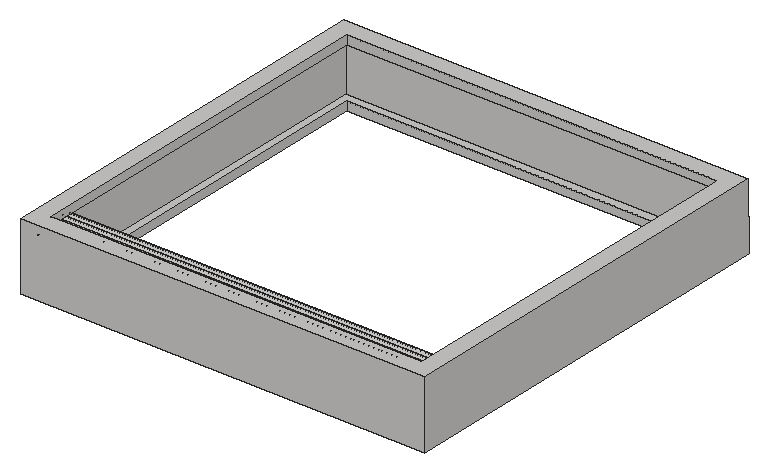
Revit family "Louver_Carnes-Galvanized-Drainable-Stationary-FWBB", category Duct Accessories, host Face, Revit 2012
Parameters (values of type "FWBB")
  ecoScorecard_data = ""
  ecoScorecard Product Page = "http://ecoscorecard.com/"
  Width = 24"
  Warranty URL = "http://www.carnes.com/GeneralCatalogs/termcond.pdf"
  URL = "http://www.carnes.com/index.html"
  Subcategory = "Louvers and Dampers"  # constant formula
  Spec Sheet URL = "http://www.carnes.com/Louvers/pdf/17149.pdf"
  Product Page URL = "http://www.carnes.com/Louvers/FVBB-FWBB.htm"
  Product Line = "Galvanized Steel Stationary Drainable Blade Louver"  # constant formula
  Offset = 1"
  Model = "FWBB"  # constant formula
  Minimum Size = "8\"W x 12\"H"
  Maximum Vertical Size = "72\"W x 96\"H"
  Maximum System Velocity = 1056 FPM  # constant formula
  Maximum System Pressure = 0.70 in-wg  # constant formula
  Maximum Size Note = "Larger Sizes made in multiple sections"  # constant formula
  Maximum Horinzontal Size = "72\"W x 96\"H"
  Manufacturer Phone = "608-845-6411"  # constant formula
  Manufacturer Fax = "608-845-6470"  # constant formula
  Manufacturer Email = "mailto:carnes@carnes.com"
  Manufacturer Address = "448 S. Main St., P. O. Box 930040, Verona, WI 53593-0040"  # constant formula
  Manufacturer = "CARNES COMPANY"  # constant formula
  Installation and Maintenance URL = ""
  Height = 24"
  Frame Material = Metal - Carnes - Steel - Galvanized
  Fire Closure Device = ""
  Duct Connector 2 = "Duct Connection 2"  # constant formula
  Duct Connector 1 = "Duct Connection 1"  # constant formula
  Description = "Galvanized Steel Stationary Drainable Blade Louver"  # constant formula
  Depth = 4"
  Default Elevation = 0"
  Cost Info = "mailto:carnes@carnes.com"
  Catalog URL = "http://www.carnes.com/Louvers/pdf/f40-41.pdf"
  Blades Length = Actual Width - 1"  # 23"
  Blade Material = Metal - Carnes - Steel - Galvanized
  Assembly Code = "B2010300"
  Actual Width = if(Width < 6", 6", if(Width > 72", 72", Width))  # 24"
  Actual Height = if(Height < 6", 6", if(Height > 72", 72", Height))  # 24"
  95 CSI = "10200"  # constant formula
  04 CSI = "08 91 00"  # constant formula
Reference planes (in)
  plane 1 "Center (Front/Back)": y = 0
  plane 2: z = 0
  plane 3 "Center (Left/Right)": x = 0
  plane 4: x = -12
  plane 5: x = 12
  plane 6: y = 12
  plane 7: y = -12
  plane 8: y = -10.9375
  plane 9: x = -11.20993
  plane 10: x = 11.20993
  plane 11: z = -1.5
  plane 12: y = -11.47734
  plane 13: x = 10.20993
  plane 14: z = -3.375
  plane 15: z = -1
  plane 16: y = -9.48917
  plane 17: z = 0.09375
  plane 18: z = 3.5
  plane 19: z = -2.09375
  plane 20: z = -5.5
Forms (in)
  Extrusion 1, void
    sketch origin (0, 0, 0) x (1, 0, 0) y (0, 1, 0)
      loop
        line (12, -12) -> (12, 12) -> (-12, 12) -> (-12, -12) -> (12, -12)
    from 0 to -32.56442
  Sweep 2, solid, material "Metal - Carnes - Steel - Galvanized" <- "Frame Material", detail levels medium+fine
    path origin (0, -21.84066, -1) x (-1, 0, 0) y (0, -1, 0)
      loop
        line (12, -33.84066) -> (12, -9.84066) -> (-12, -9.84066) -> (-12, -33.84066) -> (12, -33.84066)
    profile "Profile : Profile" origin (0, 12, -1) x (0, 1, 0) y (0, 0, 1)
      loop
        line (0, 2) -> (-1, 2) -> (-1, 1.5) -> (-0.5, 1.5) -> (-0.5, -1.5) -> (-1, -1.5) -> (-1, -2) -> (0, -2) -> (0, 2)
  Sweep 3, solid, material "Metal - Carnes - Steel - Galvanized" <- "Frame Material", detail levels coarse
    path origin (0, -21.84066, -1) x (-1, 0, 0) y (0, -1, 0)
      loop
        line (0, -9.84066) -> (0, -33.84066)
    profile origin (0, 0, -1) x (-1, 0, 0) y (0, 0, 1)
      loop
        line (-12, 2) -> (-12, -2) -> (12, -2) -> (12, 2) -> (-12, 2)
Lines and regions (in)
  symbolic lines, style "Damper"
    curve 1: line (12, 12, -1) -> (12, -12, -1)
    curve 2: line (-12, 12, -1) -> (12, 12, -1)
    curve 3: line (-12, -12, -1) -> (-12, 12, -1)
    curve 4: line (12, -12, -1) -> (-12, -12, -1)
  symbolic lines, style "Damper", detail levels medium+fine
    curve 5: line (11, 11, -1) -> (-11, 11, -1)
    curve 6: line (-11, 11, -1) -> (-11, -11, -1)
    curve 7: line (-11, -11, -1) -> (11, -11, -1)
    curve 8: line (11, -11, -1) -> (11, 11, -1)
Dimensions and locks (in)
  equal spacing: plane 7, plane 1 "Center (Front/Back)", plane 6
  equal spacing: plane 4, plane 3 "Center (Left/Right)", plane 5
  "Actual Width": plane 4 to plane 5
  "Actual Height": plane 6 to plane 7
  locked: plane 7 to plane 8 at 1.0625
  locked: plane 4 to plane 9 at 0.79007
  locked: plane 10 to plane 5 at 0.79007
  locked: plane 12 to plane 7 at 0.52266
  locked: plane 13 to plane 10 at 1
  locked: plane 14 to plane 15 at 2.375
  locked: plane 16 to plane 8 at 1.44833
  "Offset": level to plane 15
  locked: plane 17 to plane 18 at 3.40625
  locked: plane 15 to plane 17 at 1.09375
  locked: plane 15 to plane 19 at 1.09375
  locked: plane 19 to plane 20 at 3.40625
  equal spacing: Sweep 3 sketch curve, plane 3 "Center (Left/Right)", Sweep 3 sketch curve
  "Actual Width": Sweep 3 sketch curve to Sweep 3 sketch curve
  aligned and locked: plane 2 to host face
  aligned and locked: level to host face
  aligned and locked: plane 5 to Extrusion 1 sketch curve
  aligned and locked: plane 7 to Extrusion 1 sketch curve
  aligned and locked: Extrusion 1 sketch curve to plane 4
  aligned and locked: Extrusion 1 sketch curve to plane 6
  aligned and locked: Extrusion 1 to level
  aligned: nested 2 to plane 12
  aligned: nested 2 to nested 5
  aligned: nested 5 to nested 4
  aligned: nested 4 to nested 6
  aligned: nested 3 to nested 5
  aligned: nested 1 to nested 5
  aligned: nested 3 to nested 2
  aligned: nested 5 to nested 3  (x2)
  aligned: nested 4 to nested 5
  aligned: nested 6 to nested 4
  aligned: nested 6 to plane 15
  aligned: nested 3 to plane 15
  aligned: nested 5 to plane 15
  aligned: nested 4 to plane 15
  aligned: nested 2 to plane 15
  aligned: nested 1 to plane 15
  aligned: plane 16 to nested 6
  aligned: plane 12 to nested 1
  aligned and locked: plane 6 to Sweep 3 sketch curve
  aligned and locked: plane 7 to Sweep 3 sketch curve
  aligned and locked: plane 3 "Center (Left/Right)" to Sweep 3 sketch curve
  aligned and locked: curve 1 to Sweep 2
  aligned and locked: curve 2 to Sweep 2
  aligned and locked: curve 3 to Sweep 2
  aligned and locked: curve 4 to Sweep 2
  aligned and locked: curve 5 to Sweep 2
  aligned and locked: curve 6 to Sweep 2
  aligned and locked: curve 7 to Sweep 2
  aligned and locked: curve 8 to Sweep 2
  aligned and locked: Sweep 3 sketch curve to Sweep 2  (x2)
  aligned and locked: nested 1 to Sweep 2
  aligned: nested 2 to nested 1
  aligned and locked: nested 1 to plane 15
  aligned and locked: nested 2 to plane 15
  aligned and locked: nested 3 to plane 15
  aligned and locked: nested 5 to plane 15
  aligned and locked: nested 4 to plane 15
  aligned and locked: nested 6 to plane 15
  aligned and locked: nested 2 to nested 1
  aligned and locked: nested 3 to nested 2
  aligned and locked: nested 5 to nested 3
  aligned and locked: nested 4 to nested 5
  aligned and locked: nested 6 to nested 4
Automatic sketch dimensions
  host sketch curve to host sketch curve = 96"  (x2)
  Sweep 2 sketch curve to plane 5 = 0"
  Sweep 2 sketch curve to plane 4 = 0"
  Sweep 2 sketch curve to plane 6 = 0"
  plane 7 to Sweep 2 sketch curve = 0"
  curve 8 to plane 10 = 0.20993"
Nested families (in)
  nested 1: "Blade" at (0.00882, -11.5, -2.53052), type "Blades", detail levels fine
  nested 2: "Blade" at (0.00882, -11.10234, -2.53052), type "Blades", detail levels fine
  nested 3: "Blade" at (0.00882, -10.70467, -2.53052), type "Blades", detail levels fine
  nested 4: "Blade" at (0.00882, -9.90935, -2.53052), type "Blades", detail levels fine
  nested 5: "Blade" at (0.00882, -10.30701, -2.53052), type "Blades", detail levels fine
  nested 6: "Blade" at (0.00882, -9.51169, -2.53052), type "Blades", detail levels fine
Connectors (in)
  hvac at (0, 0, 1), driven by "Actual Height", driven by "Actual Width", driven by "Duct Connector 1"
    settings: on Sweep 2, index 1, duct flow 0 CFM, flow factor 0, pres drop 0.00 in-wg, loss coef 0, conn angle 0.00°, conn width 24", conn height 24", conn radius 12", duct sys type 1, conn prof type 1, flow config 0, flow direction 0, loss method 0, conn ref index 2, conn util no, is conn primary yes, conn desc "Duct Connection 1"
  hvac at (0, 0, -3), driven by "Actual Height", driven by "Actual Width", driven by "Duct Connector 2"
    settings: on Sweep 2, index 2, duct flow 0 CFM, flow factor 0, pres drop 0.00 in-wg, loss coef 0, conn angle 0.00°, conn width 24", conn height 24", conn radius 12", duct sys type 1, conn prof type 1, flow config 0, flow direction 0, loss method 0, conn ref index 1, conn util no, is conn primary no, conn desc "Duct Connection 2"
Definition of nested family "Blade"
  Parameters (values of type "Blades")
    Width = 23"
    Unit = Metal - Carnes - Steel - Galvanized
    Assembly Code = ""
  Reference planes (in)
    plane 1 "Center (Front/Back)": y = 0
    plane 2: z = 0
    plane 3 "Center (Left/Right)": x = 0
    plane 4: x = -11.5
    plane 5: x = 11.5
    plane 6: z = 3
    plane 7: z = 0.12354
    plane 8: y = 0.39766
    plane 9: z = 2.9375
    plane 10: z = 1.53052
  Forms (in)
    Extrusion 1, solid, material "Metal - Carnes - Steel - Galvanized" <- "Unit"
      sketch origin (0, 0, 0.35938) x (0, 1, 0) y (0, 0, 1)
        loop
          arc (0.23008, 2.18293) -> (0.19883, 2.57812) -> (0.16758, 2.18293) r 0.19883
          line (0.16758, 2.18293) -> (0.16758, 0.15936)
          arc (0.16758, 0.15936) -> (0.19883, -0.23583) -> (0.23008, 0.15936) r 0.19883
          line (0.23008, 0.15936) -> (0.23008, 2.18293)
        loop
          circle (0.19883, -0.037) r 0.13633
        loop
          circle (0.19883, 2.37929) r 0.13633
      from -11.5 to 11.5
  Lines and regions (in)
    symbolic lines, style "Damper"
      curve 1: line (-11.00781, 0.39763, 0) -> (10.99219, 0.39763, 0)
      curve 2: line (10.99219, 0, 0) -> (-11.00781, 0, 0)
      curve 3: line (-11.00781, 0, 0) -> (-11.00781, 0.39763, 0)
      curve 4: line (10.99219, 0, 0) -> (10.99219, 0.39763, 0)
  Dimensions and locks (in)
    equal spacing: plane 4, plane 3 "Center (Left/Right)", plane 5
    "Width": plane 4 to plane 5
    plane 6 to level = 3"  (x2)
    locked: plane 6 to plane 9 at 0.0625
    locked: plane 4 to curve 3 at 0.49219
    locked: curve 4 to plane 5 at 0.50781
    aligned and locked: level to plane 2
    aligned and locked: plane 4 to Extrusion 1
    aligned and locked: plane 5 to Extrusion 1
    aligned and locked: curve 2 to plane 1 "Center (Front/Back)"
  Automatic sketch dimensions
    plane 8 to curve 3 = 0.00003"
    Extrusion 1 sketch curve to Extrusion 1 sketch curve = 0"  (x5)
    Extrusion 1 sketch curve to plane 1 "Center (Front/Back)" = 0.16758"
    Extrusion 1 sketch curve to Extrusion 1 sketch curve = 1/32"
    Extrusion 1 sketch curve to plane 1 "Center (Front/Back)" = 0.19883"
    Extrusion 1 sketch curve to plane 7 = 0.19883"
    Extrusion 1 sketch curve to Extrusion 1 sketch curve = 0.19636"  (x2)
    Extrusion 1 sketch curve to plane 9 = 0.39519"
    radius of Extrusion 1 sketch curve = 0.13633"  (x2)
